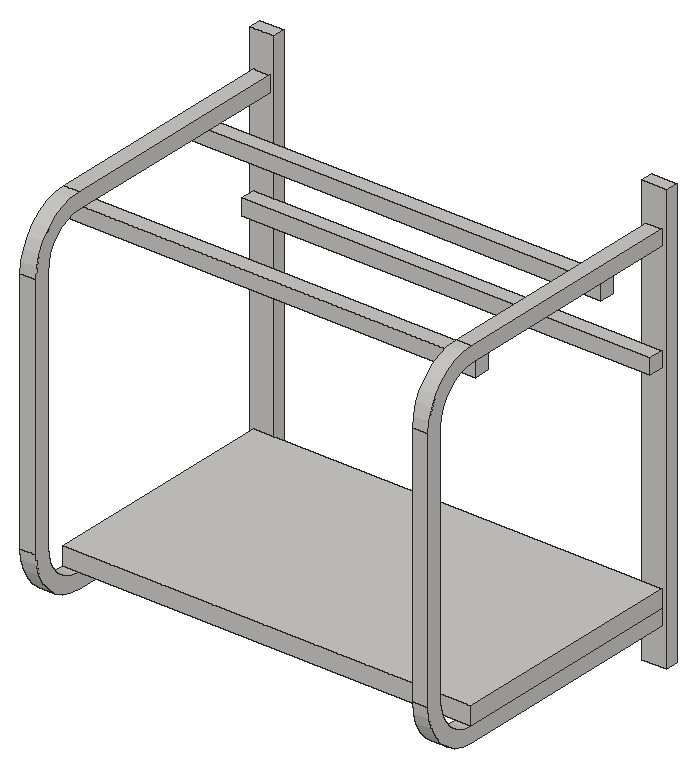
Revit family "QF_ELECTROLUXPROFESSIONAL_864357_DWWS1", category Attrezzature speciali, Revit 2020
Family settings
  Quota connettore circolare = Usa diametro
  Tipo di parte = Normale
  Basato su piano di lavoro = No
  Sempre verticale = Sì
  Taglio con vuoti quando caricato = No
  Condiviso = No
  Punto di calcolo locali = No
Parameters (values of type "Standard")
  Weight = 0.00 kg
  Watts = 0 W
  Volts = 0 V
  URL Manufacturer = ""
  URL = ""
  Steam Supply Size = 0 mm
  Steam Supply Minimum Pressure = 0.0 Pa
  Steam Supply Maximum Pressure = 0.0 Pa
  Steam Consumption per Hour = 0
  Show Clearance [instance] = yes
  Refrigeration Suction Line Size = 0 mm
  Refrigeration Liquid Line Size = 0 mm
  Refrigerant Compressor Remote = yes
  Prospetto di default = 0 mm
  Manufacturer = ""
  Phase = 0
  Model = ""
  Length Actual = 680 mm  # constant formula
  Item Number = ""
  Hot Water Size = 0 mm
  Height Actual = 700 mm  # constant formula
  HP = ""
  Gas Size = 0 mm
  Gas KW = 0
  Gas Input Pressure = 0 W
  Direct Waste Size = 0 mm
  Description = ""
  Depth Actual = 500 mm  # constant formula
  Cycle = 0 Hz
  Condensate Return Size = 0 mm
  Compressed Air Volume = 0.0 L/s
  Compressed Air Size = 0 mm
  Compressed Air Pressure = 0.0 Pa
  Cold Water Size = 0 mm
  Accessory = yes
Reference planes
  plane 1 "Back": y = 0
  plane 2: z = -16
  plane 3 "FRONT": y = -497
  plane 4 "LEFT": x = -126
  plane 5 "RIGHT": x = 554
  plane 6: x = 214
  plane 7: y = -248.5
  plane 8 "Sopra": z = 684
  plane 9: z = 384
  plane 10: x = -118.5
  plane 11: x = 546.5
  plane 12: x = -93.5
  plane 13: x = -86
  plane 14: x = 521.5
  plane 15: x = 514
  plane 16: y = -20
  plane 17: y = -45
  plane 18: y = -120
  plane 19: y = -145
  plane 20: y = -375
  plane 21: y = -400
  plane 22: z = 44
  plane 23: z = 69
  plane 24: z = 99
  plane 25: z = 421.5
  plane 26: z = 574
  plane 27: z = 599
  plane 28: z = 624
  plane 29: z = 446.5
  plane 30: y = -400
Forms (mm)
  Extrusion 1, solid, material "QF_Finishes_Stainless Steel"
    sketch origin (0, 250, 0) x (-1, 0, 0) y (0, 0, 1)
      loop
        line (86, -16) -> (126, -16) -> (126, 684) -> (86, 684) -> (86, -16)
    from -270 to -250
  Extrusion 2, solid, material "QF_Finishes_Stainless Steel"
    sketch origin (928, 250, 0) x (1, 0, 0) y (0, 0, -1)
      loop
        line (-414, 16) -> (-414, -684) -> (-374, -684) -> (-374, 16) -> (-414, 16)
    from -270 to -250
  Extrusion 3, solid, material "QF_Finishes_Stainless Steel"
    sketch origin (0, 0, 0) x (0, 1, 0) y (0, 0, 1)
      loop
        line (-20, 624) -> (-407.392, 624)
        arc (-407.392, 624) -> (-470.754, 597.754) -> (-497, 534.392) r 89.608
        line (-497, 534.392) -> (-497, 133.608)
        arc (-497, 133.608) -> (-470.754, 70.246) -> (-407.392, 44) r 89.608
        line (-407.392, 44) -> (-20, 44) -> (-20, 69) -> (-407.392, 69)
        arc (-407.392, 69) -> (-453.077, 87.923) -> (-472, 133.608) r 64.608
        line (-472, 133.608) -> (-472, 534.392)
        arc (-472, 534.392) -> (-453.077, 580.077) -> (-407.392, 599) r 64.608
        line (-407.392, 599) -> (-20, 599) -> (-20, 624)
    from -118.5 to -93.5
  Extrusion 4, solid, material "QF_Finishes_Stainless Steel"
    sketch origin (928, 0, 0) x (0, 1, 0) y (0, 0, -1)
      loop
        line (-20, -624) -> (-20, -599) -> (-407.392, -599)
        arc (-407.392, -599) -> (-453.077, -580.077) -> (-472, -534.392) r 64.608
        line (-472, -534.392) -> (-472, -133.608)
        arc (-472, -133.608) -> (-453.077, -87.923) -> (-407.392, -69) r 64.608
        line (-407.392, -69) -> (-20, -69) -> (-20, -44) -> (-407.392, -44)
        arc (-407.392, -44) -> (-470.754, -70.246) -> (-497, -133.608) r 89.608
        line (-497, -133.608) -> (-497, -534.392)
        arc (-497, -534.392) -> (-470.754, -597.754) -> (-407.392, -624) r 89.608
        line (-407.392, -624) -> (-20, -624)
    from 381.5 to 406.5
  Extrusion 5, solid, material "QF_Finishes_Stainless Steel"
    sketch origin (0, 0, 0) x (0, 1, 0) y (0, 0, 1)
      loop
        line (-120, 599) -> (-145, 599) -> (-145, 574) -> (-120, 574) -> (-120, 599)
    from -118.5 to 546.5
  Extrusion 6, solid, material "QF_Finishes_Stainless Steel"
    sketch origin (0, 0, 0) x (0, 1, 0) y (0, 0, 1)
      loop
        line (-375, 599) -> (-400, 599) -> (-400, 574) -> (-375, 574) -> (-375, 599)
    from -118.5 to 546.5
  Extrusion 7, solid, material "QF_Finishes_Stainless Steel"
    sketch origin (0, 0, 0) x (0, 1, 0) y (0, 0, 1)
      loop
        line (-20, 446.5) -> (-45, 446.5) -> (-45, 421.5) -> (-20, 421.5) -> (-20, 446.5)
    from -118.5 to 546.5
  Extrusion 8, solid, material "QF_Finishes_Stainless Steel"
    sketch origin (0, 0, 0) x (0, 1, 0) y (0, 0, 1)
      loop
        line (-20, 99) -> (-409.608, 99) -> (-409.608, 69) -> (-20, 69) -> (-20, 99)
    from -118.5 to 546.5
Dimensions and locks
  plane 4 "LEFT" to plane 5 "RIGHT" = 680 mm
  plane 3 "FRONT" to plane 1 "Back" = 497 mm
  equal spacing: plane 4 "LEFT", plane 6, plane 5 "RIGHT"
  equal spacing: plane 3 "FRONT", plane 7, plane 1 "Back"
  plane 8 "Sopra" to plane 2 = 700 mm
  plane 10 to plane 11 = 665 mm
  equal spacing: plane 10, plane 6, plane 11
  locked: plane 10 to plane 12 at 25
  locked: plane 14 to plane 11 at 25
  locked: plane 12 to plane 13 at 7.5
  locked: plane 15 to plane 14 at 7.5
  plane 8 "Sopra" to plane 28 to plane 27 to plane 26 to plane 29 to plane 25 to plane 24 to plane 23 to plane 22 to plane 2 = 60 mm, 25 mm, 25 mm, 127.5 mm, 25 mm, 322.5 mm, 30 mm, 25 mm, 60 mm
  plane 16 to plane 17 to plane 18 to plane 19 to plane 20 to plane 21 = 25 mm locked, 75 mm locked, 25 mm locked, 230 mm locked, 25 mm locked
  locked: plane 16 to plane 30 at 380
  plane 1 "Back" to plane 16 = 20 mm
  aligned and locked: level to plane 2
  aligned and locked: Extrusion 1 sketch curve to level
  aligned and locked: plane 13 to Extrusion 1 sketch curve
  aligned and locked: Extrusion 1 sketch curve to plane 4 "LEFT"
  aligned and locked: plane 8 "Sopra" to Extrusion 1
  aligned and locked: plane 16 to Extrusion 1
  aligned and locked: Extrusion 1 to plane 1 "Back"
  aligned and locked: plane 1 "Back" to Extrusion 1
  aligned and locked: Extrusion 1 to plane 16
  aligned and locked: plane 10 to Extrusion 3
  aligned and locked: plane 12 to Extrusion 3
  aligned and locked: Extrusion 4 to plane 11
  aligned and locked: Extrusion 4 to plane 14
  aligned and locked: Extrusion 2 to plane 5 "RIGHT"
  aligned and locked: Extrusion 2 to plane 15
  aligned and locked: plane 27 to Extrusion 6 sketch curve
  aligned and locked: plane 20 to Extrusion 6 sketch curve
  aligned and locked: Extrusion 6 sketch curve to plane 26
  aligned and locked: Extrusion 6 sketch curve to plane 21
  aligned and locked: plane 26 to Extrusion 5 sketch curve
  aligned and locked: plane 19 to Extrusion 5 sketch curve
  aligned and locked: plane 18 to Extrusion 5 sketch curve
  aligned and locked: Extrusion 5 sketch curve to plane 27
  aligned and locked: plane 29 to Extrusion 7 sketch curve
  aligned and locked: Extrusion 7 sketch curve to plane 16
  aligned and locked: Extrusion 7 sketch curve to plane 25
  aligned and locked: plane 17 to Extrusion 7 sketch curve
  aligned and locked: plane 24 to Extrusion 8 sketch curve
  aligned and locked: Extrusion 8 sketch curve to plane 16
  aligned and locked: Extrusion 8 sketch curve to plane 23
  aligned and locked: Extrusion 3 to plane 23
  aligned and locked: plane 10 to Extrusion 6
  aligned and locked: plane 10 to Extrusion 7
  aligned and locked: plane 10 to Extrusion 5
  aligned and locked: Extrusion 6 to plane 11
  aligned and locked: Extrusion 5 to plane 11
  aligned and locked: Extrusion 7 to plane 11
  aligned and locked: plane 16 to Extrusion 2
  aligned and locked: Extrusion 8 to plane 11
Automatic sketch dimensions
  Extrusion 1 sketch curve to plane 8 "Sopra" = 0 mm
  Extrusion 2 sketch curve to plane 8 "Sopra" = 0 mm
  Extrusion 2 sketch curve to plane 15 = 0 mm
  plane 5 "RIGHT" to Extrusion 2 sketch curve = 0 mm
  Extrusion 2 sketch curve to level = 0 mm
  Extrusion 3 sketch curve to Extrusion 3 sketch curve = 0 mm  (x8)
  Extrusion 3 sketch curve to plane 3 "FRONT" = 0 mm
  Extrusion 3 sketch curve to plane 23 = 0 mm
  Extrusion 3 sketch curve to plane 22 = 0 mm
  Extrusion 3 sketch curve to plane 27 = 0 mm
  Extrusion 3 sketch curve to plane 16 = 0 mm  (x2)
  Extrusion 4 sketch curve to Extrusion 4 sketch curve = 0 mm  (x8)
  Extrusion 4 sketch curve to plane 3 "FRONT" = 0 mm
  plane 23 to Extrusion 4 sketch curve = 0 mm
  plane 22 to Extrusion 4 sketch curve = 0 mm
  Extrusion 4 sketch curve to plane 27 = 0 mm
  Extrusion 4 sketch curve to plane 16 = 0 mm  (x2)
  Extrusion 3 sketch curve to plane 21 = 7.392 mm  (x2)
  Extrusion 4 sketch curve to plane 21 = 7.392 mm  (x2)
  Extrusion 8 sketch curve to plane 21 = 9.608 mm
